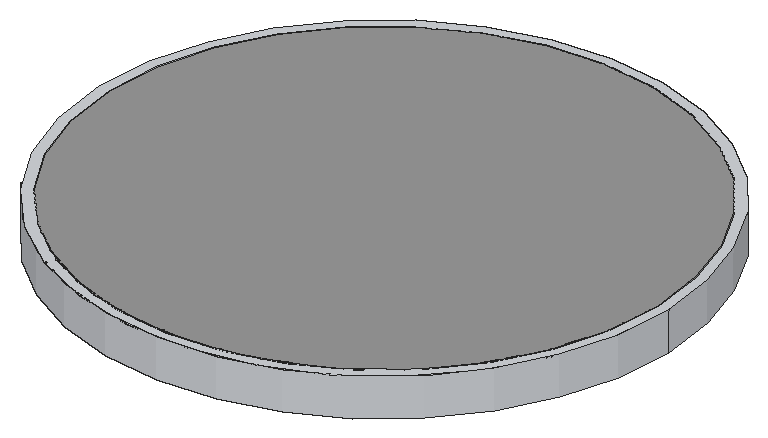
Revit family "2071259", category Lighting Fixtures, host Face, Revit 2018
Family settings
  Host = Face
  Round Connector Dimension = Use Diameter
  Part Type = Normal
  OmniClass Number = 23.80.70.00
  OmniClass Title = Lighting
  Cut with Voids When Loaded = No
  Light Source = Yes
  Shared = No
  Room Calculation Point = No
Parameters (values of type "2071259 COLOSSAL 900 830 OP DIR+H WHT SSA02")
  iner diameter = 856 mm
  Weight = "n/a"
  Wattage Comments = ""
  Wattage = 30 W
  WarrantyStartDate [instance] = "n/a"
  WarrantyGuarantorParts = "n/a"
  WarrantyDurationUnit = "n/a"
  WarrantyDurationParts = ""
  WarrantyDescription = "http://www.sylvania-lighting.com"
  built-in parameter 1150110 = 1 (stored number, unit not read)
  Voltage = 230 V
  URL = "0.95"
  TypeName = "COLOSSAL 900mm 830 OPAL DIR+HAL WHITE SSA02"
  Type Image = <None>
  Type Comments = "n/a"
  built-in parameter 1114217 = 1 (stored number, unit not read)
  Tilt Angle = -90.00°
  built-in parameter 1150109 = 1 (stored number, unit not read)
  built-in parameter 1150134 = (empty or 0)
  built-in parameter 1150113 = 1 (stored number, unit not read)
  SerialNumber [instance] = "n/a"
  Photometric Web File = "2071259.ies"
  Material_3_SYL = LED-Sylvania
  PowerFactor = 0
  PowerConsumption = "Lighting"
  NominalLength = 888 mm
  NominalHeight = 93 mm
  NominalDepth = 888 mm
  Name = "COLOSSAL 900mm 830 OPAL DIR+HAL WHITE SSA02"
  ModelReference = Name  # "COLOSSAL 900mm 830 OPAL DIR+HAL WHITE SSA02"
  ModelNumber = "2071259"
  Model = Name  # "COLOSSAL 900mm 830 OPAL DIR+HAL WHITE SSA02"
  Material = "Feilo Sylvania"
  ManufacturerName = "137 lm/W"
  Manufacturer = ""
  LuminousEfficacy = ""
  built-in parameter 1150105 = 270.44 (stored number, unit not read)
  Lumens = 3398.4 lm
  LuminaireType = "0"
  built-in parameter 1150115 = 1 (stored number, unit not read)
  LightOutputRatio = "LED"
  built-in parameter 1150137 = (empty or 0)
  built-in parameter 1150139 = (empty or 0)
  LampsType = Lamp  # "n/a"
  LampNominalLuminous = "3000 K"
  LampMacAdamStep = "80"
  LampColourTemperature = "LED"
  LampColourRenderingIndex = "16500"
  built-in parameter 1150112 = 1 (stored number, unit not read)
  built-in parameter 1150114 = 1 (stored number, unit not read)
  Lamp = "n/a"
  Keynote = "n/a"
  InstallationDate [instance] = "n/a"
  InputVoltage = "0"
  InputNominalFrequency = "3000"
  built-in parameter 1150132 = (empty or 0)
  built-in parameter 1150102 = (empty or 0)
  built-in parameter 1150107 = 3000 (stored number, unit not read)
  built-in parameter 1150138 = (empty or 0)
  IngressProtection = "IfcLightFixtureType"
  ImpactProtectionIndex = "IfcLightFixtureType"
  built-in parameter 1150106 = 2.7044 (stored number, unit not read)
  IfcExportType = "IfcLightFixtureType"
  IfcExportAs = "Class I"
  Emit from Circle Diameter = 385 mm
  Emit Shape Visible in Rendering = no
  ElectricShockClassification = "137"
  built-in parameter 1150104 = 10.524 (stored number, unit not read)
  DocumentationLiterature = "http://www.sylvania-lighting.com/product/en-int/products/2071259"
  DimmingControlOptions = "n/a"
  Material_2_SYL = Polycarbonate_Sylvania_White
  Dimming Lamp Color Temperature Shift = <None>
  Description = "900mm diameter circular architectural luminaire, can be surface mounted or suspended. Powder coated aluminium housing (RAL9016) with polycarbonate opal diffuser. Direct/indirect (halo) light distribution, 10505lm luminuous flux, 76.8W system power, 137lm/W luminiaire efficacy. Sylsmart Connected enabled. Colour rendering index Ra >80, 3000K Warm White LED, chromaticity tolerance of 3-step MacAdam ellipse. IP40/IP20, IK03. 450mA drive current. Electrical protection Class1, 220-240V. Reported lifetime 66k hours L90B10."
  Default Elevation = 1219.2 mm
  CreatedOn = "23/03/2022"
  CreatedBy = "@sylvania-lighting.com"
  Cost = 0
  Color Filter = 16777215
  built-in parameter 1114216 [instance] = (empty or 0)
  ClassificationValue = "EF_70_80"
  ClassificationName = "Uniclass2015"
  Material_1_SYL = Polycarbonate_Sylvania_Opal
  BarCode [instance] = "n/a"
  built-in parameter 1114218 = 1 (stored number, unit not read)
  built-in parameter 1150133 = 10 (stored number, unit not read)
  AssetType = "Fixed"
  AssetIdentifier [instance] = "n/a"
  Assembly Code = "D5020200"
  Apparent Load = 76.8 VA
  Material_4_SYL = none
Reference planes
  plane 1 "Center (Front/Back)": y = 0
  plane 2: z = 0
  plane 3 "Center (Left/Right)": x = 0
  plane 4: z = 1.161
  plane 5: z = 16.161
  plane 6: x = -444
  plane 7: x = 444
  plane 8: y = 444
  plane 9: y = -444
  plane 10: y = 236
  plane 11: y = -236
  plane 12: x = 85
  plane 13: x = -85
  plane 14: through (0, 0, 1219.2) normal (0.5, 0.866, 0)
  plane 15: through (42.5, 73.612, 1219.2) normal (0.5, 0.866, 0)
  plane 16: through (-42.5, -73.612, 1219.2) normal (0.5, 0.866, 0)
  plane 17: through (0, 0, 1219.2) normal (0.5, -0.866, 0)
  plane 18: through (-42.5, 73.612, 1219.2) normal (0.5, -0.866, 0)
  plane 19: through (42.5, -73.612, 1219.2) normal (0.5, -0.866, 0)
  plane 20: z = 93
  plane 21: y = 428
  plane 22: y = -428
Forms (mm)
  Extrusion 1, solid, detail levels medium+fine
    sketch origin (0, 0, 0) x (0.866025, -0.5, 0) y (0.5, 0.866025, 0)
      loop
        circle (-50, 86.603) r 22
    from 0 to 2
  Extrusion 2, solid, detail levels medium+fine
    sketch origin (0, 0, 0) x (0.866025, -0.5, 0) y (0.5, 0.866025, 0)
      loop
        circle (100, 0) r 22
      loop
        circle (-50, -86.603) r 22
    from 0 to 2
  Blend 3, solid, detail levels medium+fine
    base sketch origin (0, 0, 0) x (1, 0, 0) y (0, 1, 0)
      loop
        line (-85, 236) -> (-246.882, -44.388) -> (-161.882, -191.612) -> (161.882, -191.612) -> (246.882, -44.388) -> (85, 236) -> (-85, 236)
    top sketch origin (0, 0, 0) x (1, 0, 0) y (0, 1, 0)
      loop
        line (-85, 283.076) -> (-287.651, -67.926) -> (-207.792, -218.119) -> (207.792, -218.119) -> (292.5, -71.401) -> (85, 283.076) -> (-85, 283.076)
    from 0 to 33.022
  Extrusion 4, solid, detail levels medium+fine
    sketch origin (0, 0, 0) x (1, 0, 0) y (0, 1, 0)
      loop
        circle (0, 0) r 444
    from 33.022 to 93
  Extrusion 5, void
    sketch origin (0, 0, 0) x (1, 0, 0) y (0, 1, 0)
      loop
        circle (0, 0) r 428
    from 96.588 to 37.292
  Extrusion 6, solid, material "Glass, White, High Luminance", detail levels fine
    sketch origin (0, 0, 0) x (1, 0, 0) y (0, 1, 0)
      loop
        circle (0, 0) r 428
    from 87.991 to 93
  Extrusion 7, solid, detail levels coarse
    sketch origin (0, 0, 0) x (1, 0, 0) y (0, 1, 0)
      loop
        line (-444, 444) -> (-444, -444) -> (444, -444) -> (444, 444) -> (-444, 444)
    from 0 to 93.648
Cuts and joins
  Extrusion 5 cuts Extrusion 1
  Extrusion 5 cuts Extrusion 2
  Extrusion 5 cuts Blend 3
  Extrusion 5 cuts Extrusion 4
Lines and regions (mm)
  model lines, detail levels medium+fine
    curve 1: circle (0, 0, 0) r 100 normal (0, 0, 1)
Dimensions and locks
  "NominalDepth": plane 8 to plane 9
  plane 8 to plane 1 "Center (Front/Back)" to plane 9 = 444 mm, 444 mm
  "NominalLength": plane 6 to plane 7
  equal spacing: plane 6, plane 3 "Center (Left/Right)", plane 7
  "NominalHeight": level to plane 20
  "iner diameter": plane 21 to plane 22
  equal spacing: plane 21, plane 1 "Center (Front/Back)", plane 22
  aligned and locked: plane 2 to host face
  aligned and locked: level to host face
Automatic sketch dimensions
  host sketch curve to host sketch curve = 2438.4 mm  (x2)
  Extrusion 1 sketch curve to plane 3 "Center (Left/Right)" = 0 mm
  Extrusion 1 sketch curve to plane 1 "Center (Front/Back)" = 100 mm
  plane 1 "Center (Front/Back)" to Extrusion 2 sketch curve = 50 mm
  Extrusion 2 sketch curve to plane 3 "Center (Left/Right)" = 86.603 mm
  Extrusion 2 sketch curve to Extrusion 2 sketch curve = 150 mm
  Extrusion 2 sketch curve to Extrusion 2 sketch curve = 86.603 mm
  plane 1 "Center (Front/Back)" to curve 1 = 0 mm
  curve 1 to plane 3 "Center (Left/Right)" = 0 mm
  plane 18 to Blend 3 sketch curve = 0 mm  (x2)
  plane 19 to Blend 3 sketch curve = 0 mm  (x2)
  Blend 3 sketch curve to plane 10 = 0 mm
  Blend 3 sketch curve to plane 13 = 0 mm  (x2)
  Blend 3 sketch curve to plane 12 = 0 mm  (x2)
  Blend 3 sketch curve to plane 16 = 0 mm  (x2)
  Blend 3 sketch curve to plane 15 = 0 mm
  plane 11 to Blend 3 sketch curve = 44.388 mm
  plane 1 "Center (Front/Back)" to Blend 3 sketch curve = 44.388 mm  (x2)
  plane 11 to Blend 3 sketch curve = 17.881 mm
  plane 1 "Center (Front/Back)" to Blend 3 sketch curve = 67.926 mm
  plane 1 "Center (Front/Back)" to Blend 3 sketch curve = 71.401 mm
  Blend 3 sketch curve to plane 7 = 151.5 mm
  plane 10 to Blend 3 sketch curve = 47.076 mm
  plane 1 "Center (Front/Back)" to Extrusion 4 sketch curve = 0 mm
  Extrusion 4 sketch curve to plane 3 "Center (Left/Right)" = 0 mm
  plane 1 "Center (Front/Back)" to Extrusion 5 sketch curve = 0 mm
  Extrusion 5 sketch curve to plane 3 "Center (Left/Right)" = 0 mm
  plane 1 "Center (Front/Back)" to Extrusion 6 sketch curve = 0 mm
  Extrusion 6 sketch curve to plane 3 "Center (Left/Right)" = 0 mm
  Extrusion 7 sketch curve to plane 6 = 0 mm
  Extrusion 7 sketch curve to plane 7 = 0 mm
  Extrusion 7 sketch curve to plane 9 = 0 mm
  Extrusion 7 sketch curve to plane 8 = 0 mm
  radius of Extrusion 1 sketch curve = 22 mm
  radius of Extrusion 2 sketch curve = 22 mm  (x2)
  radius of curve 1 = 100 mm
  radius of Extrusion 4 sketch curve = 444 mm
  radius of Extrusion 5 sketch curve = 428 mm
  radius of Extrusion 6 sketch curve = 428 mm
Connectors
  electrical at (0, 0, 0), driven by "Apparent Load", driven by "PowerFactor", driven by "Voltage"
    settings: index 1, voltage 230 V, apparent load 76.8 VA, apparent load phase1 0 VA, apparent load phase2 0 VA, apparent load phase3 0 VA, power factor 0, load classification "Lighting", number of poles 1, system type 30, power factor state 1, is connector primary yes, connector utility no, sub classification motor no, connector description ""
